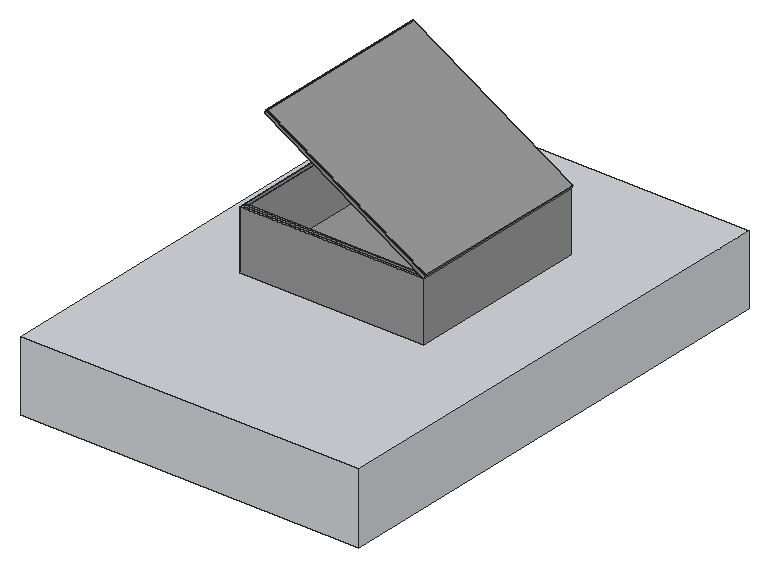
Revit family "Hager-Univers-IP55-D275-H800-Cl.II-Steel_encl-ES-es", category Equipement électrique, Revit 2020
Family settings
  Hôte = Face
  Configuration du panneau = Deux colonnes, circuits au sein
  Cote de connecteur circulaire = Utiliser le diamètre
  Type d'élément = Tableau de raccordement
  Couper avec des vides une fois chargée = Non
  Partagée = Non
  Point de calcul de pièce = Non
Parameters (values of type "Montado superficial (escayola) IP55 A800 A800 P275  - FR53S")
  Width Control [instance] = if([EF000008 - Anchura] > Min Width, [EF000008 - Anchura], Min Width)  # 800 mm
  Commentaires du type = [HG000003 - Gama]  # "Univers"
  Thickness Door [instance] = if([EF009171 - Espesor puerta/tapa] > 3 mm, 3 mm, [EF009171 - Espesor puerta/tapa])  # 1.5 mm
  Seal Frame Offset [instance] = 17 mm  # constant formula
  Plinth Visibility [instance] = [HG000027 - Altura de zócalo] > 0 mm  # no
  Model = ""
  Min Width [instance] = 100 mm  # constant formula
  Min Height [instance] = 100 mm  # constant formula
  Min Depth [instance] = (2 * [EF009170 - Espesor del material de la caja]) + 1 mm  # 4 mm
  Internal Frame Depth [instance] = (Door System Depth * 0.5)  # 9 mm
  Height Control [instance] = if([EF000040 - Altura] > Min Height, [EF000040 - Altura], Min Height)  # 800 mm
  HG000027 - Altura de zócalo = 0 mm
  HG000026 - Instalación en suelo = no
  HG000024 - Altura de la sección inferior = 800 mm
  HG000023 - Caja de doble sección = no
  HG000016 - Visibilidad de la puerta 3D [instance] = yes
  HG000015 - Visibilidad a través de la puerta [instance] = no
  HG000014 - Puerta a la derecha [instance] = yes
  HG000013 - Puerta a la izquierda [instance] = not([HG000014 - Puerta a la derecha])  # no
  HG000012 - Ángulo de giro de la puerta [instance] = 30.00°
  HG000010 - Puertas asimétricas = no
  HG000009 - Puerta batiente doble = no
  HG000006 - Empotrado = no
  HG000004 - Referencia del fabricante = "FR53S"
  HG000003 - Gama = "Univers"
  HG000002 - Con puerta o tapa = yes
  Frame Offset Bottom [instance] = 10 mm  # constant formula
  Frame Offset [instance] = 15 mm  # constant formula
  EF015940 - Tapa con alivio de sobrepresión = no
  EF011959 - Grado de protección (NEMA) = ""
  EF009554 - Número de aberturas para placas-brida = 6
  Fabricant = "Hager"  # constant formula
  EF009212 - Versión de la cubierta = "EV000116 - Cerrado"
  EF009171 - Espesor puerta/tapa = 1.5 mm
  EF009170 - Espesor del material de la caja = 1.5 mm
  EF008873 - Corriente nominal (In) = 800 A
  EF007800 - Adecuado para la protección contra rayos = no
  EF006306 - Con cierre = no
  EF006244 - Tapa/puerta transparente = no
  EF005474 - Grado de protección (IP) = "EV006420 - IP55"
  EF004464 - Tipo de puerta = "EV002646 - Único"
  EF004427 - Número de módulos = 180
  EF004293 - Resistencia al impacto (IK) = "EV008784 - IK10"
  EF003532 - Adecuado para uso en exteriores = no
  EF002950 - Anchura de unidades de división = 24
  EF001613 - Integridad del circuito = "EV000494 - Ninguno"
  EF001596 - Material de la carcasa = "EV000179 - Acero"
  EF001131 - Profundidad interna = 275 mm
  EF001088 - Posibilidad de extensión = yes
  EF000437 - Número de entradas de conductos de cables = 6
  EF000339 - Tipo de cubierta = "EV004216 - Puerta"
  EF000266 - Número de filas = 5
  EF000218 - Profundidad de instalación = 0 mm
  EF000118 - Con placa de montaje = no
  EF000116 - Número RAL = "7035"
  EF000049 - Profundidad = 275 mm
  EF000040 - Altura = 800 mm
  EF000008 - Anchura = 800 mm
  EF000007 - Color = "EV000270 - Gris"
  EF000003 - Tipo de montaje = "EV000384 - Montado superficial (escayola)"
  Door System Leaf Tolerance [instance] = 1.5 mm  # constant formula
  Door System Depth [instance] = 18 mm  # constant formula
  Door Height [instance] = Height Control - [HG000027 - Altura de zócalo]  # 800 mm
  Depth Control [instance] = if([EF000049 - Profundidad] > Min Depth, [EF000049 - Profundidad], Min Depth)  # 275 mm
  Default Elevation = 0 mm
  Connector Offset [instance] = Height Control / 2  # 400 mm
  Bottom Top Plate Trim [instance] = 1.5 mm  # constant formula
  Plinth height Ctrl [instance] = if([HG000027 - Altura de zócalo] > 0 mm, [HG000027 - Altura de zócalo], 12 mm)  # 12 mm
Types (5, lengths in mm): name | Width Control | HG000010 - Puertas asimétricas | HG000009 - Puerta batiente doble | HG000004 - Referencia del fabricante | EF009554 - Número de aberturas para placas-brida | EF004464 - Tipo de puerta | EF004427 - Número de módulos | EF000437 - Número de entradas de conductos de cables | EF000008 - Anchura
  Montado superficial (escayola) IP55 A1050 A800 P275  - FR54S | 1050 | no | yes | "FR54S" | 8 | "EV003602 - Doble" | 240 | 8 | 1050
  Montado superficial (escayola) IP55 A1300 A800 P275  - FR55S | 1300 | yes | yes | "FR55S" | 10 | "EV003602 - Doble" | 300 | 10 | 1300
  Montado superficial (escayola) IP55 A300 A800 P275  - FR51S | 300 | no | no | "FR51S" | 2 | "EV002646 - Único" | 60 | 2 | 300
  Montado superficial (escayola) IP55 A550 A800 P275  - FR52S | 550 | no | no | "FR52S" | 4 | "EV002646 - Único" | 120 | 4 | 550
  Montado superficial (escayola) IP55 A800 A800 P275  - FR53S | 800 | no | no | "FR53S" | 6 | "EV002646 - Único" | 180 | 6 | 800
Reference planes
  plane 1 "Center (Front/Back)": y = 0
  plane 2: z = 0
  plane 3 "Center (Left/Right)": x = 0
  plane 4: z = 275
  plane 5: y = 1.5
  plane 6: y = 400
  plane 7: y = 0
  plane 8: y = 800
  plane 9: z = 0
  plane 10: x = -385
  plane 11: x = 385
  plane 12: x = 383.5
  plane 13: x = -383.5
  plane 14: y = 798.5
  plane 15: x = -383
  plane 16: x = -400
  plane 17: x = 383
  plane 18: x = 400
  plane 19: x = 398.5
  plane 20: x = -398.5
  plane 21: y = 11.5
  plane 22: y = 800
  plane 23: y = 783.5
  plane 24: z = 257
  plane 25: z = 1.5
  plane 26: z = 255.5
  plane 27: z = 273.5
Forms (mm)
  Extrusion 1, solid
    sketch origin (0, 0, 0) x (1, 0, 0) y (0, 1, 0)
      loop
        line (-702.964, 1305) -> (-702.964, -811.445) -> (766.763, -811.445) -> (766.763, 1305) -> (-702.964, 1305)
    from 0 to -304.8
  Extrusion 2, solid, material "Hager_Steel_RAL7035_Light_Grey", visible <- "Plinth Visibility", detail levels medium+fine
    sketch origin (0, 0, 0) x (1, 0, 0) y (0, 1, 0)
      loop
        line (-400, 0) -> (400, 0) -> (400, 12) -> (-400, 12) -> (-400, 0)
    from 0 to 257
  Extrusion 3, solid, material "Hager_Steel_RAL7035_Light_Grey", detail levels medium+fine
    sketch origin (0, 0, 0) x (1, 0, 0) y (0, 1, 0)
      loop
        line (-400, 0) -> (400, 0) -> (400, 800) -> (-400, 800) -> (-400, 0)
    from 0 to 257
  Extrusion 4, void
    sketch origin (0, 0, 0) x (1, 0, 0) y (0, 1, 0)
      loop
        line (-398.5, 1.5) -> (398.5, 1.5) -> (398.5, 798.5) -> (-398.5, 798.5) -> (-398.5, 1.5)
    from 1.5 to 255.5
  Extrusion 5, void
    sketch origin (-381.607, -4572, 257) x (0, -1, 0) y (-1, 0, 0)
      loop
        line (-4583.5, 1.893) -> (-5355.5, 1.893) -> (-5355.5, -765.107) -> (-4583.5, -765.107) -> (-4583.5, 1.893)
    from 0 to 1.5 <- "EF009170 - Espesor del material de la caja"
  Extrusion 6, solid, material "Hager_Steel_RAL7035_Light_Grey", detail levels fine
    sketch origin (0, 0, 257) x (1, 0, 0) y (0, 1, 0)
      loop
        line (-383.5, 783.5) -> (-383.5, 11.5) -> (383.5, 11.5) -> (383.5, 783.5) -> (-383.5, 783.5)
      loop
        line (-385, 10) -> (385, 10) -> (385, 785) -> (-385, 785) -> (-385, 10)
    from 0 to 9 <- "Internal Frame Depth"
  Extrusion 7, solid, material "Hager_Steel_RAL7035_Light_Grey", detail levels coarse
    sketch origin (0, 0, 0) x (1, 0, 0) y (0, 1, 0)
      loop
        line (-400, 0) -> (400, 0) -> (400, 800) -> (-400, 800) -> (-400, 0)
    from 0 to 275
  Sweep 8, void
    path in 3D
      loop
        line (-400, 12, 0) -> (400, 12, 0) -> (400, 12, 257) -> (-400, 12, 257) -> (-400, 12, 0)
    profile origin (-400, 12, 128.5) x (-1, 0, 0) y (0, -1, 0)
      loop
        line (0, 0) -> (0, 1.5) -> (-1.5, 1.5)
        arc (-1.5, 1.5) -> (-1.061, 0.439) -> (0, 0) r 1.5
Cuts and joins
  Extrusion 4, Extrusion 5 cuts Extrusion 3
  Sweep 8 cuts Extrusion 2
Lines and regions (mm)
  Masking region 1
    outline origin (0, 0, 0) x (1, 0, 0) y (0, 0, 1)
      loop
        line (-400, 275) -> (-400, 0) -> (400, 0) -> (400, 275) -> (-400, 275)
  Masking region 2, detail levels medium+fine
    outline origin (0, 140, 0) x (0, 1, 0) y (0, 0, 1)
      loop
        line (-140, 0) -> (660, 0) -> (660, 257) -> (-140, 257) -> (-140, 0)
  Masking region 3, not visible, detail levels medium+fine
    outline origin (0, 297.922, 0) x (0, 1, 0) y (0, 0, 1)
      loop
        line (113.578, 0) -> (153.578, 0) -> (153.578, 263.5)
        arc (153.578, 263.5) -> (150.649, 270.571) -> (143.578, 273.5) r 10
        line (143.578, 273.5) -> (113.578, 273.5) -> (113.578, 0)
  Masking region 4, detail levels coarse
    outline origin (0, 0, 180) x (0, 1, 0) y (0, 0, 1)
      loop
        line (0, -180) -> (800, -180) -> (800, 95) -> (0, 95) -> (0, -180)
  Masking region 5, visible <- "Plinth Visibility", detail levels medium+fine
    outline origin (0, 52.24, 12.345) x (0, 0, -1) y (0, 1, 0)
      loop
        line (10.845, -40.24) -> (-243.155, -40.24)
        arc (-243.155, -40.24) -> (-243.594, -41.301) -> (-244.655, -41.74) r 1.5
        line (-244.655, -41.74) -> (-244.655, -52.24) -> (12.345, -52.24) -> (12.345, -41.74)
        arc (12.345, -41.74) -> (11.285, -41.301) -> (10.845, -40.24) r 1.5
  Masking region 6, detail levels medium+fine
    outline origin (-381.607, -4572, 257) x (-1, 0, 0) y (0, -1, 0)
      loop
        line (18.393, -5372) -> (18.393, -4572) -> (-781.607, -4572) -> (-781.607, -5372) -> (18.393, -5372)
  Masking region 7, visible <- "Plinth Visibility", detail levels medium+fine
    outline origin (-381.607, -4727, 257) x (-1, 0, 0) y (0, -1, 0)
      loop
        arc (16.893, -4739) -> (17.332, -4737.939) -> (18.393, -4737.5) r 1.5
        line (18.393, -4737.5) -> (18.393, -4727) -> (-781.607, -4727) -> (-781.607, -4737.5)
        arc (-781.607, -4737.5) -> (-780.546, -4737.939) -> (-780.107, -4739) r 1.5
        line (-780.107, -4739) -> (16.893, -4739)
  Masking region 8, detail levels coarse
    outline origin (-442.548, -4669.526, 257) x (-1, 0, 0) y (0, -1, 0)
      loop
        line (-42.548, -5469.526) -> (-42.548, -4669.526) -> (-842.548, -4669.526) -> (-842.548, -5469.526) -> (-42.548, -5469.526)
  sketch lines
    curve 1: line (-400, 12, 257) -> (-400, 12, 0)
    curve 2: line (400, 12, 257) -> (-400, 12, 257)
    curve 3: line (400, 12, 257) -> (400, 12, 0)
    curve 4: line (-400, 12, 0) -> (400, 12, 0)
Dimensions and locks
  "Depth Control": plane 4 to Extrusion 1
  "HG000027 - Altura de zócalo": plane 1 "Center (Front/Back)" to plane 7
  "EF009170 - Espesor del material de la caja": plane 5 to plane 7
  locked: connector elem to plane 3 "Center (Left/Right)"
  equal spacing: plane 8, plane 6, plane 7
  locked: connector elem to plane 6
  "EF009170 - Espesor del material de la caja": plane 8 to plane 14
  "EF009170 - Espesor del material de la caja": plane 10 to plane 13
  "EF009170 - Espesor del material de la caja": plane 12 to plane 11
  "Frame Offset": plane 20 to plane 13
  "Frame Offset": plane 12 to plane 19
  "EF009170 - Espesor del material de la caja": plane 16 to plane 20
  "EF009170 - Espesor del material de la caja": plane 19 to plane 18
  "Seal Frame Offset": plane 16 to plane 15
  "Seal Frame Offset": plane 17 to plane 18
  "Frame Offset Bottom": plane 21 to plane 5
  "Frame Offset": plane 14 to plane 23
  equal spacing: plane 16, plane 3 "Center (Left/Right)", plane 18
  "Width Control": plane 16 to plane 18
  "EF009170 - Espesor del material de la caja": plane 4 to plane 27
  "EF009170 - Espesor del material de la caja": plane 24 to plane 26
  "EF009170 - Espesor del material de la caja": plane 25 to level
  "Door System Depth": plane 4 to plane 24
  "Height Control": plane 1 "Center (Front/Back)" to Extrusion 7 sketch curve
  "Height Control": Masking region 4 sketch curve to plane 1 "Center (Front/Back)"
  "Height Control": plane 1 "Center (Front/Back)" to plane 22
  "Bottom Top Plate Trim": profile plane to Sweep 8 sketch curve
  "Bottom Top Plate Trim": Sweep 8 sketch curve to profile plane
  "Plinth height Ctrl": plane 1 "Center (Front/Back)" to Extrusion 2 sketch curve
  "Plinth height Ctrl": Masking region 5 sketch curve to plane 1 "Center (Front/Back)"
  "Plinth height Ctrl": plane 1 "Center (Front/Back)" to Masking region 7 sketch curve
  "Thickness Door": Extrusion 6 sketch curve to Extrusion 6 sketch curve  (x3)
  "Thickness Door": cut or joined group of Extrusion 3, Extrusion 4, Extrusion 5 to Extrusion 6 sketch curve
  radius of Masking region 3 sketch curve = 10 mm
  "Bottom Top Plate Trim": radius of Masking region 5 sketch curve  (x2)
  "Bottom Top Plate Trim": radius of Sweep 8 sketch curve
  "Bottom Top Plate Trim": radius of Masking region 7 sketch curve  (x2)
  aligned and locked: plane 2 to Extrusion 1
  aligned and locked: level to Extrusion 1
  aligned and locked: level to Masking region 1 sketch curve
  aligned and locked: Masking region 1 sketch curve to plane 18
  aligned and locked: Masking region 1 sketch curve to plane 16
  aligned and locked: plane 7 to Masking region 2 sketch curve
  aligned and locked: level to Masking region 3 sketch curve
  aligned and locked: Masking region 3 sketch curve to plane 27
  aligned and locked: level to Masking region 2 sketch curve
  aligned and locked: plane 1 "Center (Front/Back)" to Extrusion 2 sketch curve
  aligned and locked: Extrusion 3 sketch curve to plane 7
  aligned and locked: plane 16 to Extrusion 3 sketch curve
  aligned and locked: plane 18 to Extrusion 3 sketch curve
  aligned and locked: plane 20 to Extrusion 4 sketch curve
  aligned and locked: plane 19 to Extrusion 4 sketch curve
  aligned and locked: Extrusion 4 sketch curve to plane 5
  aligned and locked: Extrusion 4 to plane 25
  aligned and locked: plane 26 to Extrusion 4
  aligned and locked: plane 24 to Extrusion 3
  aligned and locked: Extrusion 5 sketch curve to plane 21
  aligned and locked: Extrusion 5 sketch curve to plane 13
  aligned and locked: Extrusion 5 sketch curve to plane 12
  aligned and locked: plane 18 to Extrusion 7 sketch curve
  aligned and locked: plane 1 "Center (Front/Back)" to Extrusion 7 sketch curve
  aligned and locked: plane 16 to Extrusion 7 sketch curve
  aligned and locked: plane 4 to Extrusion 7
  aligned and locked: Extrusion 7 to level
  aligned and locked: level to Masking region 4 sketch curve
  aligned and locked: Masking region 4 sketch curve to plane 1 "Center (Front/Back)"
  aligned and locked: Masking region 4 sketch curve to plane 4
  aligned and locked: nested 1 to level
  aligned and locked: nested 1 to plane 16
  aligned and locked: plane 8 to Extrusion 3 sketch curve
  aligned and locked: plane 23 to Extrusion 5 sketch curve
  aligned and locked: plane 14 to Extrusion 4 sketch curve
  aligned and locked: Masking region 2 sketch curve to plane 8
  aligned and locked: level to Masking region 5 sketch curve
  aligned and locked: plane 16 to Extrusion 2 sketch curve
  aligned and locked: plane 18 to Extrusion 2 sketch curve
  aligned and locked: Masking region 5 sketch curve to plane 24
  aligned and locked: Masking region 2 sketch curve to plane 24
  aligned and locked: plane 24 to Extrusion 2
  aligned and locked: profile plane to Sweep 8 sketch curve  (x2)
  aligned and locked: Masking region 6 sketch curve to plane 18
  aligned and locked: Masking region 6 sketch curve to plane 22
  aligned and locked: Masking region 6 sketch curve to plane 16
  aligned and locked: plane 8 to plane 22
  aligned and locked: Masking region 6 sketch curve to plane 7
  aligned and locked: Masking region 7 sketch curve to plane 16
  aligned and locked: Masking region 7 sketch curve to plane 1 "Center (Front/Back)"
  aligned and locked: Masking region 7 sketch curve to plane 18
  aligned and locked: Masking region 8 sketch curve to plane 1 "Center (Front/Back)"
  aligned and locked: Masking region 8 sketch curve to plane 18
  aligned and locked: Masking region 8 sketch curve to plane 22
  aligned and locked: Masking region 8 sketch curve to plane 16
  aligned and locked: nested 2 to plane 7
  aligned and locked: plane 3 "Center (Left/Right)" to nested 2
  aligned and locked: nested 2 to plane 24
  aligned and locked: Extrusion 6 sketch curve to cut or joined group of Extrusion 3, Extrusion 4, Extrusion 5  (x4)
Automatic sketch dimensions
  Extrusion 1 sketch curve to Extrusion 1 sketch curve = 1469.727 mm
  Extrusion 1 sketch curve to Extrusion 1 sketch curve = 2116.445 mm
  Masking region 1 sketch curve to plane 4 = 0 mm
  plane 6 to Masking region 3 sketch curve = 11.5 mm
  Masking region 3 sketch curve to Masking region 3 sketch curve = 30 mm
  Masking region 5 sketch curve to plane 1 "Center (Front/Back)" = 0 mm
Nested families
  nested 1: "Hager_Enclosure_Symbol" at (-400, 0, 0) x (1, 0, 0) z (0, -1, 0), Height <- "Depth Control", Width <- "Width Control", type "Hager_Enclosure_Symbol"
    with Width_Ctrl 800 mm, Width 800 mm, Height_Ctrl 275 mm, Height 275 mm, A_Width_Int 18.047 mm, A_Width 216.562 mm, A_Height_Ctrl 240.625 mm, A_Height 240.625 mm
  nested 2: "EC000058_Univers_Door" at (0, 0, 257) x (1, 0, 0) z (0, 1, 0), Leaf_Tolerance <- "Door System Leaf Tolerance", Angle <- "HG000012 - Ángulo de giro de la puerta", Door_Depth <- "Door System Depth", Door_Left <- "HG000013 - Puerta a la izquierda", Transparent <- "EF006244 - Tapa/puerta transparente", Assymetrical <- "HG000010 - Puertas asimétricas", Width <- "Width Control", Clearance <- "HG000015 - Visibilidad a través de la puerta", Double <- "HG000009 - Puerta batiente doble", 3d_Door <- "HG000016 - Visibilidad de la puerta 3D", Lock_Visibility <- "EF006306 - Con cierre", Width_Ctrl <- "Width Control", Door_Right <- "HG000014 - Puerta a la derecha", Door <- "HG000002 - Con puerta o tapa", Height <- "Door Height", Thickness <- "Thickness Door", type "EC000058_Univers_Door", detail levels medium+fine
    with min_wh 4 mm, Width_Ctrl 800 mm, Width 800 mm, Transparent no, Thickness 1.5 mm, Seal_Material Hager_Rubber, Lock_Visibility no, Lock_Material Hager_Plastic_RAL9005_Jet_Black, Leaf_Width 800 mm, Leaf_Tolerance_External_Sides 0 mm, Leaf_Tolerance 1.5 mm, Leaf_Offset 0 mm, Leaf_Height 797 mm, Leaf_2_Width 800 mm, Leaf_2_Offset 400 mm, Leaf_1_Width 800 mm, Leaf_1_Offset 400 mm, Height_Ctrl 800 mm, Height 800 mm, Glass_Material Hager_Glass, Double_Clearance_Ctrl no, Double no, Door_Right_Ctrl yes, Door_Right yes, Door_Material Hager_Steel_RAL7035_Light_Grey, Door_Left_Ctrl no, Door_Left no, Door_Depth 18 mm, Door yes, Clearance_Material Hager_Clearance, Clearance_Depth 800 mm, Clearance_Ctrl no, Clearance no, Assymetrical no, Angle 30.00°, 3d_Door yes
Connectors
  electrical at (0, 400, 0)
    settings: on plane 9, index 1, voltage 0 V, apparent load 0 VA, apparent load phase1 0 VA, apparent load phase2 0 VA, apparent load phase3 0 VA, power factor 1, load classification "Other", number of poles 1, system type 30, power factor state 1, is connector primary yes, connector utility no, sub classification motor no, connector description ""
Definition of nested family "EC000058_Univers_Door"
  Parameters (values of type "EC000058_Univers_Door")
    min_wh [instance] = (2 * Thickness) + 1 mm  # 11 mm
    Width_Ctrl [instance] = 400 mm
    Width [instance] = 500 mm
    Transparent [instance] = yes
    Thickness [instance] = 5 mm
    Seal_Material [instance] = none
    Lock_Visibility [instance] = yes
    Lock_Material [instance] = none
    Leaf_Width [instance] = if((Width_Ctrl - 2 * Leaf_Tolerance_External_Sides) > 0 mm, (Width_Ctrl - 2 * Leaf_Tolerance_External_Sides), min_wh)  # 400 mm
    Leaf_Tolerance_External_Sides [instance] = 0 mm  # constant formula
    Leaf_Tolerance [instance] = 1.5 mm
    Leaf_Offset [instance] = 0 mm  # constant formula
    Leaf_Height [instance] = if((Height_Ctrl - 2 * Leaf_Tolerance) > 0 mm, (Height_Ctrl - 2 * Leaf_Tolerance), min_wh)  # 497 mm
    Leaf_2_Width [instance] = if(and(and(Double, Assymetrical), Door_Left), (Leaf_Width / 3) - (Leaf_Tolerance / 2), if(and(and(Double, Assymetrical), Door_Right), (Leaf_Width / 3) * 2 - (Leaf_Tolerance / 2), if(and(Double, not(Assymetrical)), (Leaf_Width / 2) - Leaf_Tolerance, Leaf_Width)))  # 400 mm
    Leaf_2_Offset [instance] = if(and(Double, Assymetrical), Leaf_2_Width / 2, if(and(Double, not(Assymetrical)), Leaf_Width / 4, Leaf_Width / 2))  # 200 mm
    Leaf_1_Width [instance] = if(and(and(Double, Assymetrical), Door_Right), (Leaf_Width / 3) - (Leaf_Tolerance / 2), if(and(and(Double, Assymetrical), Door_Left), (Width / 3) * 2 - (Leaf_Tolerance / 2), if(and(Double, not(Assymetrical)), (Leaf_Width / 2) - Leaf_Tolerance, Leaf_Width)))  # 400 mm
    Leaf_1_Offset [instance] = if(and(Double, Assymetrical), Leaf_1_Width / 2, if(and(Double, not(Assymetrical)), Leaf_Width / 4, Leaf_Width / 2))  # 200 mm
    Height_Ctrl [instance] = if(Height > min_wh, Height, min_wh)  # 500 mm
    Height [instance] = 500 mm
    Glass_Material [instance] = none
    Double_Clearance_Ctrl [instance] = and(Double, Clearance)  # no
    Double [instance] = no
    Door_Right_Ctrl [instance] = and(or(Door_Right, Double), Door)  # yes
    Door_Right [instance] = yes
    Door_Material [instance] = none
    Door_Left_Ctrl [instance] = and(or(Door_Left, Double), Door)  # no
    Door_Left [instance] = no
    Door_Depth [instance] = 30 mm
    Door [instance] = yes
    Default Elevation = 1219.2 mm
    Clearance_Material [instance] = none
    Clearance_Depth [instance] = if(Leaf_1_Width > Leaf_2_Width, Leaf_1_Width, Leaf_2_Width)  # 400 mm
    Clearance_Ctrl [instance] = and(not(Double), Clearance)  # yes
    Clearance [instance] = yes
    Assymetrical [instance] = yes
    Angle [instance] = 30.00°
    3d_Door [instance] = yes
  Reference planes
    plane 1 "Center (Front/Back)": y = 0
    plane 2 "Bottom": z = 0
    plane 3 "Center (Left/Right)": x = 0
    plane 4: z = 500
    plane 5: x = -200
    plane 6: x = 200
    plane 7: z = 500
    plane 8: x = -200
    plane 9: z = 0
    plane 10: x = 200
    plane 11: y = 0
    plane 12: z = 1.5
    plane 13: x = -600
    plane 14: y = -400
    plane 15: x = 600
    plane 16: x = 0
    plane 17: x = 0
    plane 18: x = -200
    plane 19: x = 200
    plane 20: z = 498.5
  Forms (mm)
    Extrusion 1, solid, material <- "Clearance_Material", visible <- "Double_Clearance_Ctrl"
      sketch origin (1200, 0, 0) x (1, 0, 0) y (0, 0, -1)
        loop
          line (-1800, -498.5) -> (-600, -498.5) -> (-600, 0) -> (-1800, 0) -> (-1800, -498.5)
      from 0 to -400
  Dimensions and locks
    equal spacing: plane 5, plane 3 "Center (Left/Right)", plane 6
    "Width_Ctrl": plane 5 to plane 6
    "Leaf_Offset": plane 5 to plane 8
    "Leaf_Offset": plane 6 to plane 10
    "Leaf_Offset": plane 9 to level
    "Leaf_Offset": plane 4 to plane 7
    "Height_Ctrl": plane 4 to level
    "Leaf_Tolerance": plane 12 to plane 9
    locked: plane 11 to plane 1 "Center (Front/Back)"
    "Leaf_1_Offset": plane 18 to plane 16
    "Leaf_2_Offset": plane 17 to plane 19
    "Leaf_1_Width": plane 13 to plane 8
    "Leaf_2_Width": plane 10 to plane 15
    "Clearance_Depth": plane 14 to plane 1 "Center (Front/Back)"
    "Leaf_Tolerance_External_Sides": plane 8 to plane 18
    "Leaf_Tolerance_External_Sides": plane 19 to plane 10
    "Leaf_Tolerance": plane 7 to plane 20
    aligned and locked: level to plane 2 "Bottom"
    aligned and locked: nested 1 to plane 16
    aligned and locked: nested 2 to plane 17
    aligned and locked: Extrusion 1 to plane 13
    aligned and locked: plane 15 to Extrusion 1
    aligned and locked: Extrusion 1 to plane 14
    aligned and locked: plane 12 to nested 1
    aligned and locked: nested 2 to plane 12
    aligned and locked: Extrusion 1 to plane 11
    aligned and locked: plane 20 to Extrusion 1
    aligned and locked: nested 2 to plane 11
    aligned and locked: nested 1 to plane 11
  Automatic sketch dimensions
    Extrusion 1 sketch curve to level = 0 mm
    plane 5 to Extrusion 1 sketch curve = 400 mm
    plane 6 to Extrusion 1 sketch curve = 400 mm
    Extrusion 1 sketch curve to plane 4 = 1.5 mm
  Nested families
    nested 1: "EC000058_Univers_Door_Leaf" at (0, 0, 1.5), Width <- "Leaf_1_Width", visible <- "Door_Left_Ctrl", Leaf_Height <- "Leaf_Height", Angle <- "Angle", 3d_Door <- "3d_Door", Transparent <- "Transparent", Clearance Material <- "Clearance_Material", Clearance <- "Clearance_Ctrl", Door_Material <- "Door_Material", Glass_Material <- "Glass_Material", Door_Depth <- "Door_Depth", Lock_Material <- "Lock_Material", Seal_Material <- "Seal_Material", Lock_Visibility <- "Lock_Visibility", Thickness <- "Thickness", type "EC000058_Univers_Door_Leaf"
      with Width 400 mm, Transparent_Glass_Offset 30 mm, Transparent_Ctrl yes, Transparent yes, Thickness 5 mm, Standard no, Seal_Material none, Seal_D2 8 mm, Seal_D1 1 mm, Offset_Internal_Frame 10 mm, Lock_Width 20 mm, Lock_Visibility_3d yes, Lock_Visibility yes, Lock_Thickness_3 3 mm, Lock_Thickness_2 1 mm, Lock_Thickness_1 3 mm, Lock_Radius_Offset_2 16 mm, Lock_Radius_Offset_1 15 mm, Lock_Radius_2 5 mm, Lock_Radius 6 mm, Lock_Offset 5 mm, Lock_Material none, Lock_Height 80 mm, Lock_Cover_Top_Offset_2d 17 mm, Lock_Cover_Height -65 mm, Leaf_Height 497 mm, Internal_Seal_Thickness 8 mm, Internal_Seal_Depth_2 4.5 mm, Internal_Frame_Depth 25 mm, Glass_Thickness -1 mm, Glass_Offset -2 mm, Glass_Material none, Door_Material none, Door_Depth 30 mm, Clearance Material none, Clearance yes, Angle_Ctrl 30.00°, Angle 30.00°, 3d_Door yes
    nested 2: "EC000058_Univers_Door_Leaf" at (0, 0, 1.5) x (-1, 0, 0) z (0, 0, 1), Width <- "Leaf_2_Width", visible <- "Door_Right_Ctrl", Leaf_Height <- "Leaf_Height", Angle <- "Angle", 3d_Door <- "3d_Door", Transparent <- "Transparent", Clearance Material <- "Clearance_Material", Clearance <- "Clearance_Ctrl", Door_Material <- "Door_Material", Glass_Material <- "Glass_Material", Door_Depth <- "Door_Depth", Lock_Material <- "Lock_Material", Seal_Material <- "Seal_Material", Lock_Visibility <- "Lock_Visibility", Thickness <- "Thickness", type "EC000058_Univers_Door_Leaf"
      with Width 400 mm, Transparent_Glass_Offset 30 mm, Transparent_Ctrl yes, Transparent yes, Thickness 5 mm, Standard no, Seal_Material none, Seal_D2 8 mm, Seal_D1 1 mm, Offset_Internal_Frame 10 mm, Lock_Width 20 mm, Lock_Visibility_3d yes, Lock_Visibility yes, Lock_Thickness_3 3 mm, Lock_Thickness_2 1 mm, Lock_Thickness_1 3 mm, Lock_Radius_Offset_2 16 mm, Lock_Radius_Offset_1 15 mm, Lock_Radius_2 5 mm, Lock_Radius 6 mm, Lock_Offset 5 mm, Lock_Material none, Lock_Height 80 mm, Lock_Cover_Top_Offset_2d 17 mm, Lock_Cover_Height -65 mm, Leaf_Height 497 mm, Internal_Seal_Thickness 8 mm, Internal_Seal_Depth_2 4.5 mm, Internal_Frame_Depth 25 mm, Glass_Thickness -1 mm, Glass_Offset -2 mm, Glass_Material none, Door_Material none, Door_Depth 30 mm, Clearance Material none, Clearance yes, Angle_Ctrl 30.00°, Angle 30.00°, 3d_Door yes
  Definition of nested family "EC000058_Univers_Door_Leaf"
    Parameters (values of type "EC000058_Univers_Door_Leaf")
      Width [instance] = 2000 mm
      Transparent_Glass_Offset [instance] = 30 mm
      Transparent_Ctrl [instance] = and(Transparent, [3d_Door])  # yes
      Transparent [instance] = yes
      Thickness [instance] = 5 mm
      Standard [instance] = and(not(Transparent), [3d_Door])  # no
      Seal_Material [instance] = none
      Seal_D2 [instance] = 8 mm  # constant formula
      Seal_D1 [instance] = 1 mm  # constant formula
      Offset_Internal_Frame [instance] = 10 mm  # constant formula
      Lock_Width [instance] = 20 mm  # constant formula
      Lock_Visibility_3d [instance] = and(Lock_Visibility, [3d_Door])  # yes
      Lock_Visibility [instance] = yes
      Lock_Thickness_3 [instance] = 3 mm  # constant formula
      Lock_Thickness_2 [instance] = 1 mm  # constant formula
      Lock_Thickness_1 [instance] = 3 mm  # constant formula
      Lock_Radius_Offset_2 [instance] = Lock_Radius_Offset_1 + 1 mm  # 16 mm
      Lock_Radius_Offset_1 [instance] = 15 mm  # constant formula
      Lock_Radius_2 [instance] = Lock_Radius - 1 mm  # 5 mm
      Lock_Radius [instance] = 6 mm  # constant formula
      Lock_Offset [instance] = 5 mm  # constant formula
      Lock_Material [instance] = none
      Lock_Height [instance] = 80 mm  # constant formula
      Lock_Cover_Top_Offset_2d [instance] = Lock_Radius_Offset_2 + 1 mm  # 17 mm
      Lock_Cover_Height [instance] = -(Lock_Height - Lock_Radius_Offset_1)  # -65 mm
      Leaf_Height [instance] = 2720.336 mm
      Internal_Seal_Thickness [instance] = 8 mm  # constant formula
      Internal_Seal_Depth_2 [instance] = 4.5 mm  # constant formula
      Internal_Frame_Depth [instance] = if(Door_Depth - Thickness > 5 mm, Door_Depth - Thickness, 5 mm)  # 25 mm
      Glass_Thickness [instance] = if(Thickness > 15 mm, Glass_Offset + 10 mm, -1 mm)  # -1 mm
      Glass_Offset [instance] = if(Thickness > 15 mm, -(Thickness + 10 mm) / 2, -2 mm)  # -2 mm
      Glass_Material [instance] = none
      Door_Material [instance] = none
      Door_Depth [instance] = 30 mm
      Default Elevation = 0 mm
      Clearance Material [instance] = none
      Clearance [instance] = yes
      Angle_Ctrl [instance] = if(Angle > 180.00°, 180.00°, Angle)  # 90.00°
      Angle [instance] = 90.00°
      3d_Door [instance] = yes
    Reference planes
      plane 1 "Center (Front/Back)": y = 0
      plane 2: z = 0
      plane 3 "Center (Left/Right)": x = 0
      plane 4: y = 2000
      plane 5: x = -1000
      plane 6: x = 1000
      plane 7: x = -3000
      plane 8: z = 2720.336
      plane 9: z = 30
      plane 10: z = 2690.336
      plane 11: x = 970
      plane 12: x = -970
      plane 13: y = -3
      plane 14: z = 107.833
      plane 15: y = -5
      plane 16: y = -223.314
      plane 17: x = -1000
      plane 18: z = 1360.168
      plane 19: y = 30
    Forms (mm)
      Extrusion 1, solid, material <- "Clearance Material", visible <- "Clearance"
        sketch origin (0, 0, 0) x (1, 0, 0) y (0, 0, 1)
          loop
            line (-3000, 2720.336) -> (-3000, 0) -> (1000, 0) -> (1000, 2720.336) -> (-3000, 2720.336)
        from 0 to -2000
      Extrusion 2, solid, material <- "Door_Material", visible <- "Standard", detail levels medium+fine
        sketch origin (-1000, 0, 0) x (0, 1, 0) y (-1, 0, 0)
          loop
            line (0, 30) -> (0, 25) -> (2000, 25) -> (2000, 30) -> (0, 30)
        from 0 to 2720.336 <- "Leaf_Height"
      Extrusion 3, solid, material <- "Door_Material", visible <- "Transparent_Ctrl", detail levels medium+fine
        sketch origin (-1000, 0, 0) x (0, 1, 0) y (-1, 0, 0)
          loop
            line (0, 25) -> (2000, 25) -> (2000, 30) -> (0, 30) -> (0, 25)
        from 0 to 2720.336 <- "Leaf_Height"
      Extrusion 4, void
        sketch origin (-1025, 2000, 0) x (0, 1, 0) y (0, 0, -1)
          loop
            line (-30, -2690.336) -> (-30, -30) -> (-1970, -30) -> (-1970, -2690.336) -> (-30, -2690.336)
        from 0 to 5 <- "Thickness"
      Sweep 5, solid, material <- "Seal_Material", visible <- "Transparent_Ctrl", detail levels fine
        path in 3D
          loop
            line (-1025, 30, 30) -> (-1025, 30, 2690.336) -> (-1025, 1970, 2690.336) -> (-1025, 1970, 30) -> (-1025, 30, 30)
        profile origin (-1025, 1000, 30) x (1, 0, 0) y (0, 0, 1)
          loop
            line (0, 0) -> (0, -8) -> (1, -8) -> (1, 0) -> (0, 0)
      Extrusion 6, solid, material <- "Glass_Material", visible <- "Transparent_Ctrl", detail levels medium+fine
        sketch origin (-1030, 0, 0) x (0, 1, 0) y (0, 0, -1)
          loop
            line (1970, -2690.336) -> (1970, -30) -> (30, -30) -> (30, -2690.336) -> (1970, -2690.336)
        from -2 <- "Glass_Offset" to -1 <- "Glass_Thickness"
      Extrusion 7, solid, material <- "Door_Material", visible <- "3d_Door", detail levels medium+fine
        sketch origin (-1025, 2000, 0) x (0, -1, 0) y (0, 0, -1)
          loop
            line (0, -2720.336) -> (2000, -2720.336) -> (2000, 0) -> (0, 0) -> (0, -2720.336)
          loop
            line (1995, -5) -> (5, -5) -> (5, -2715.336) -> (1995, -2715.336) -> (1995, -5)
        from 0 to 25 <- "Internal_Frame_Depth"
      Sweep 8, solid, material <- "Seal_Material", visible <- "Transparent_Ctrl", detail levels fine
        path in 3D
          loop
            line (-1025, 0, 0) -> (-1025, 2000, 0) -> (-1025, 2000, 2720.336) -> (-1025, 0, 2720.336) -> (-1025, 0, 0)
        profile origin (-1025, 0, 1360.168) x (1, 0, 0) y (0, 1, 0)
          loop
            line (0, 10) -> (2.975, 10)
            arc (2.975, 10) -> (4.053, 10.447) -> (4.5, 11.525) r 1.525
            line (4.5, 11.525) -> (4.5, 16.527)
            arc (4.5, 16.527) -> (4.069, 17.569) -> (3.027, 18) r 1.473
            line (3.027, 18) -> (0, 18) -> (0, 10)
      Extrusion 9, solid, material <- "Lock_Material", visible <- "Lock_Visibility_3d", detail levels fine
        sketch origin (-1030, 0, 0) x (0, 1, 0) y (0, 0, -1)
          loop
            arc (1993.5, -1400.168) -> (1994.561, -1399.729) -> (1995, -1398.668) r 1.5
            line (1995, -1398.668) -> (1995, -1320.168) -> (1975, -1320.168) -> (1975, -1398.668)
            arc (1975, -1398.668) -> (1975.439, -1399.729) -> (1976.5, -1400.168) r 1.5
            line (1976.5, -1400.168) -> (1993.5, -1400.168)
        from 3 <- "Lock_Thickness_1" to 0
      Blend 10, solid, material <- "Lock_Material", visible <- "Lock_Visibility_3d", detail levels fine
        base sketch origin (-1033, 0, 0) x (0, 1, 0) y (0, 0, -1)
          loop
            line (1975, -1320.168) -> (1975, -1398.668)
            arc (1975, -1398.668) -> (1975.439, -1399.729) -> (1976.5, -1400.168) r 1.5
            line (1976.5, -1400.168) -> (1993.5, -1400.168)
            arc (1993.5, -1400.168) -> (1994.561, -1399.729) -> (1995, -1398.668) r 1.5
            line (1995, -1398.668) -> (1995, -1320.168) -> (1975, -1320.168)
        top sketch origin (-1033, 0, 0) x (0, 1, 0) y (0, 0, -1)
          loop
            line (1976, -1320.168) -> (1976, -1398.668)
            arc (1976, -1398.668) -> (1976.146, -1399.022) -> (1976.5, -1399.168) r 0.5
            line (1976.5, -1399.168) -> (1993.5, -1399.168)
            arc (1993.5, -1399.168) -> (1993.854, -1399.022) -> (1994, -1398.668) r 0.5
            line (1994, -1398.668) -> (1994, -1320.168) -> (1976, -1320.168)
        from 0 to 1 <- "Lock_Thickness_2"
      Blend 11, solid, material <- "Lock_Material", visible <- "Lock_Visibility_3d", detail levels fine
        base sketch origin (-1034, 0, 0) x (0, 1, 0) y (0, 0, -1)
          loop
            line (1978, -1320.168) -> (1978, -1384.168)
            arc (1978, -1384.168) -> (1985, -1391.168) -> (1992, -1384.168) r 7
            line (1992, -1384.168) -> (1992, -1320.168) -> (1978, -1320.168)
        top sketch origin (-1034, 0, 0) x (0, 1, 0) y (0, 0, -1)
          loop
            line (1991, -1320.168) -> (1979, -1320.168) -> (1979, -1383.168)
            arc (1979, -1383.168) -> (1985, -1389.168) -> (1991, -1383.168) r 6
            line (1991, -1383.168) -> (1991, -1320.168)
        from 0 to 3 <- "Lock_Thickness_3"
      Extrusion 12, solid, material <- "Lock_Material", visible <- "Lock_Visibility_3d", detail levels fine
        sketch origin (-1030, 1975, 1320.168) x (1, 0, 0) y (0, -1, 0)
          loop
            line (-7, -19) -> (-7, -1) -> (0, -1) -> (0, 0) -> (-8, 0) -> (-8, -20) -> (0, -20) -> (0, -19) -> (-7, -19)
        from 0 to -65 <- "Lock_Cover_Height"
      Extrusion 13, void
        sketch origin (-1038, 1995, 1320.168) x (-1, 0, 0) y (0, 0, -1)
          loop
            line (-5, -65) -> (0, -65) -> (-5, -60) -> (-5, -65)
        from 0 to 20 <- "Lock_Width"
      Extrusion 14, void
        sketch origin (-1038, 1975, 1320.168) x (0, -1, 0) y (0, 0, -1)
          loop
            circle (-10, -15.995) r 6
          loop
            circle (-10, -15.995) r 5
        from 0 to 2
      Extrusion 15, solid, material <- "Lock_Material", visible <- "Lock_Visibility_3d", detail levels medium
        sketch origin (-1030, 0, 0) x (0, 1, 0) y (0, 0, -1)
          loop
            arc (1993.5, -1400.168) -> (1994.561, -1399.729) -> (1995, -1398.668) r 1.5
            line (1995, -1398.668) -> (1995, -1320.168) -> (1975, -1320.168) -> (1975, -1398.668)
            arc (1975, -1398.668) -> (1975.439, -1399.729) -> (1976.5, -1400.168) r 1.5
            line (1976.5, -1400.168) -> (1993.5, -1400.168)
        from 8 to 0
    Cuts and joins
      Extrusion 4 cuts Extrusion 3
      Extrusion 13, Extrusion 14 cuts Extrusion 9
      Extrusion 14 cuts Blend 11
      Extrusion 13, Extrusion 14 cuts Extrusion 12
      joined: Extrusion 9, Blend 10, Blend 11, Extrusion 12
      Extrusion 14 cuts Extrusion 15
    Lines and regions (mm)
      Masking region 1, visible <- "Lock_Visibility", detail levels fine
        outline origin (0, 0, 0) x (0, 1, 0) y (0, 0, 1)
          loop
            line (30, 1320.168) -> (33, 1320.168) -> (33, 1400.168) -> (30, 1400.168) -> (30, 1320.168)
      Masking region 2, visible <- "Lock_Visibility", detail levels fine
        outline origin (0, 3.143, 0) x (0, 1, 0) y (0, 0, 1)
          loop
            line (29.857, 1354.168) -> (30.857, 1354.168) -> (30.857, 1366.168) -> (29.857, 1366.168) -> (29.857, 1354.168)
      Masking region 3, detail levels medium+fine
        outline origin (0, 0, 0) x (0, 1, 0) y (0, 0, 1)
          loop
            line (0, 0) -> (30, 0) -> (30, 2720.336) -> (0, 2720.336) -> (0, 0)
      Masking region 4, detail levels medium+fine
        outline origin (0, 0, 0) x (1, 0, 0) y (0, 0, 1)
          loop
            line (-1000, 2720.336) -> (-1000, 0) -> (1000, 0) -> (1000, 2720.336) -> (-1000, 2720.336)
      Masking region 5, visible <- "Lock_Visibility", detail levels fine
        outline origin (-47.116, 0, 0) x (1, 0, 0) y (0, 0, 1)
          loop
            arc (1024.616, 1399.168) -> (1023.556, 1398.729) -> (1023.116, 1397.668) r 1.5
            line (1023.116, 1397.668) -> (1023.116, 1320.168) -> (1041.116, 1320.168) -> (1041.116, 1397.668)
            arc (1041.116, 1397.668) -> (1040.677, 1398.729) -> (1039.616, 1399.168) r 1.5
            line (1039.616, 1399.168) -> (1024.616, 1399.168)
      Masking region 6, visible <- "Lock_Visibility", detail levels medium+fine
        outline origin (-25, 0, 0) x (1, 0, 0) y (0, 0, 1)
          loop
            arc (1001.5, 1400.168) -> (1000.439, 1399.729) -> (1000, 1398.668) r 1.5
            line (1000, 1398.668) -> (1000, 1320.168) -> (1020, 1320.168) -> (1020, 1398.668)
            arc (1020, 1398.668) -> (1019.561, 1399.729) -> (1018.5, 1400.168) r 1.5
            line (1018.5, 1400.168) -> (1001.5, 1400.168)
      Masking region 7, visible <- "Lock_Visibility", detail levels fine
        outline origin (-73.735, 0, 0) x (1, 0, 0) y (0, 0, 1)
          loop
            line (1051.735, 1382.168) -> (1065.735, 1382.168) -> (1065.735, 1384.168)
            arc (1065.735, 1384.168) -> (1058.735, 1391.168) -> (1051.735, 1384.168) r 7
            line (1051.735, 1384.168) -> (1051.735, 1382.168)
      Masking region 8, visible <- "Lock_Visibility", detail levels fine
        outline origin (-73.735, 0, 0) x (1, 0, 0) y (0, 0, 1)
          loop
            line (1052.735, 1382.168) -> (1064.735, 1382.168) -> (1064.735, 1383.168)
            arc (1064.735, 1383.168) -> (1058.735, 1389.168) -> (1052.735, 1383.168) r 6
            line (1052.735, 1383.168) -> (1052.735, 1382.168)
      Masking region 9, visible <- "Lock_Visibility", detail levels fine
        outline origin (-25, 0, 0) x (1, 0, 0) y (0, 0, 1)
          loop
            line (1020, 1320.168) -> (1020, 1382.168) -> (1000, 1382.168) -> (1000, 1320.168) -> (1020, 1320.168)
      Masking region 10, detail levels medium+fine
        outline origin (0, 0, 0) x (1, 0, 0) y (0, 0, 1)
          loop
            circle (985, 1335.144) r 6
      Masking region 11, detail levels fine
        outline origin (0, 0, 0) x (1, 0, 0) y (0, 0, 1)
          loop
            circle (985, 1335.144) r 5
      Masking region 12, visible <- "Lock_Visibility", detail levels fine
        outline origin (0, 12.767, 0) x (0, 1, 0) y (0, 0, 1)
          loop
            line (20.233, 1320.168) -> (21.233, 1320.168) -> (21.233, 1399.168) -> (20.233, 1400.168) -> (20.233, 1320.168)
      Masking region 13, visible <- "Lock_Visibility", detail levels fine
        outline origin (0, 13.767, -10) x (0, 1, 0) y (0, 0, 1)
          loop
            line (20.233, 1330.168) -> (23.233, 1330.168) -> (23.233, 1399.168) -> (20.233, 1402.168) -> (20.233, 1330.168)
      Masking region 14, visible <- "Lock_Visibility", detail levels fine
        outline origin (0, 12.767, -10) x (0, 1, 0) y (0, 0, 1)
          loop
            line (20.233, 1330.168) -> (25.233, 1330.168) -> (25.233, 1399.305) -> (20.233, 1394.305) -> (20.233, 1330.168)
      Masking region 15, visible <- "Lock_Visibility", detail levels medium
        outline origin (0, 0, 0) x (0, 1, 0) y (0, 0, 1)
          loop
            line (30, 1320.168) -> (38, 1320.168) -> (38, 1400.168) -> (30, 1400.168) -> (30, 1320.168)
      Masking region 16, visible <- "Lock_Visibility", detail levels fine
        outline origin (-1000, 0, 0) x (0, 1, 0) y (-1, 0, 0)
          loop
            line (1975, 30) -> (1995, 30) -> (1995, 38) -> (1975, 38) -> (1975, 30)
          loop
            line (1979, 37) -> (1976, 37) -> (1976, 34) -> (1978, 34) -> (1979, 37)
          loop
            line (1994, 37) -> (1991, 37) -> (1992, 34) -> (1994, 34) -> (1994, 37)
      Masking region 17, visible <- "Lock_Visibility", detail levels medium
        outline origin (-1000, 0, 0) x (0, 1, 0) y (-1, 0, 0)
          loop
            line (1975, 30) -> (1995, 30) -> (1995, 38) -> (1975, 38) -> (1975, 30)
      symbolic lines
        curve 1: line (1000, 0, 0) -> (-3000, 0, 0)
        curve 2: arc (1000, 0, 0) -> (-1000, 2000, 0) -> (-3000, 0, 0) r 2000
        curve 4: line (-1030, 0, 0) -> (-1030, 2000, 0)
      reference lines
        curve 3: line (-1000, 0, 0) -> (-1000, 2000, 0)
      symbolic lines, detail levels medium+fine
        curve 5: line (-1030, 2000, 0) -> (-1025, 2000, 0)
        curve 7: line (-1025, 0, 0) -> (-1030, 0, 0)
        curve 8: line (-1025, 0, 0) -> (-1000, 0, 0)
        curve 9: line (-1000, 0, 0) -> (-1000, 2000, 0)
        curve 10: line (-1000, 2000, 0) -> (-1025, 2000, 0)
      symbolic lines, detail levels fine
        curve 6: line (-1025, 2000, 0) -> (-1025, 0, 0)
      sketch lines
        curve 11: line (-1025, 0, 2720.336) -> (-1025, 0, 0)
        curve 12: line (-1025, 2000, 0) -> (-1025, 0, 0)
        curve 13: line (-1025, 2000, 2720.336) -> (-1025, 2000, 0)
        curve 14: line (-1025, 0, 2720.336) -> (-1025, 2000, 2720.336)
        curve 15: line (-1025, 1970, 30) -> (-1025, 30, 30)
        curve 16: line (-1025, 30, 30) -> (-1025, 30, 2690.336)
        curve 17: line (-1025, 1970, 2690.336) -> (-1025, 1970, 30)
        curve 18: line (-1025, 30, 2690.336) -> (-1025, 1970, 2690.336)
      symbolic lines, visible <- "Transparent", detail levels medium+fine
        curve 19: line (-970, 0, 2690.336) -> (970, 0, 2690.336)
        curve 20: line (-970, 0, 30) -> (-970, 0, 2690.336)
        curve 21: line (970, 0, 30) -> (-970, 0, 30)
        curve 22: line (970, 0, 2690.336) -> (970, 0, 30)
    Dimensions and locks
      "Width": plane 1 "Center (Front/Back)" to plane 4
      equal spacing: plane 5, plane 3 "Center (Left/Right)", plane 6
      "Width": plane 5 to plane 6
      "Width": plane 7 to plane 5
      "Leaf_Height": plane 8 to level
      "Width": curve 5 to curve 3
      "Width": curve 3 to curve 3
      plane 8 to plane 10 = 30 mm
      plane 9 to level = 30 mm
      plane 12 to plane 5 = 30 mm
      plane 6 to plane 11 = 30 mm
      Extrusion 1 to Extrusion 4 sketch curve = 30 mm
      "Transparent_Glass_Offset": curve 3 to Extrusion 4 sketch curve
      "Transparent_Glass_Offset": Extrusion 4 sketch curve to cut or joined group of Extrusion 3, Extrusion 4  (x2)
      cut or joined group of Extrusion 3, Extrusion 4 to Extrusion 6 sketch curve = 30 mm
      "Transparent_Glass_Offset": cut or joined group of Extrusion 3, Extrusion 4 to Extrusion 4 sketch curve
      "Thickness": curve 6 to curve 4
      "Thickness": Extrusion 7 sketch curve to Extrusion 7 sketch curve  (x4)
      "Door_Depth": curve 4 to curve 3
      "Offset_Internal_Frame": profile plane to Sweep 8 sketch curve
      "Internal_Seal_Thickness": Sweep 8 sketch curve to Sweep 8 sketch curve
      "Internal_Seal_Depth_2": profile plane to Sweep 8 sketch curve
      "Seal_D1": profile plane to Sweep 5 sketch curve
      "Seal_D2": profile plane to Sweep 5 sketch curve
      "Thickness": Extrusion 2 sketch curve to Extrusion 2 sketch curve
      equal spacing: Extrusion 9 sketch curve, plane 18, Extrusion 9 sketch curve  (x2)
      equal spacing: Masking region 1 sketch curve, plane 18, Masking region 1 sketch curve
      "Lock_Height": Masking region 1 sketch curve to Masking region 1 sketch curve
      "Lock_Radius": Masking region 2 sketch curve to plane 18 to Masking region 2 sketch curve
      Masking region 2 sketch curve to Masking region 1 = 1 mm
      "Door_Depth": plane 19 to plane 1 "Center (Front/Back)"
      "Lock_Thickness_1": Masking region 1 sketch curve to plane 19
      "Lock_Width": Extrusion 9 sketch curve to Extrusion 9 sketch curve
      "Lock_Height": Extrusion 9 sketch curve to Extrusion 9 sketch curve
      "Lock_Offset": cut or joined group of Extrusion 3, Extrusion 4 to Extrusion 9 sketch curve
      equal spacing: plane 8, plane 18, level
      "Lock_Radius_Offset_1": Blend 11 sketch curve to Blend 10
      locked: Blend 10 to Blend 11 sketch curve at 2  (x2)
      locked: var sketch to Blend 11 sketch curve at 1  (x2)
      "Lock_Radius_Offset_2": Blend 11 sketch curve to Blend 10
      locked: Extrusion 12 sketch curve to Extrusion 12 sketch curve at 1  (x3)
      Masking region 6 sketch curve to Masking region 6 sketch curve = 80 mm
      "Lock_Height": Masking region 6 sketch curve to Masking region 6 sketch curve
      "Lock_Width": Masking region 6 sketch curve to Masking region 6 sketch curve
      locked: Masking region 6 to Masking region 5 sketch curve at 1  (x3)
      locked: Masking region 5 to Masking region 7 sketch curve at 2  (x2)
      "Lock_Radius_Offset_1": Masking region 5 to Masking region 7 sketch curve
      "Lock_Radius_Offset_2": Masking region 5 to Masking region 8 sketch curve
      locked: Masking region 7 to Masking region 8 sketch curve at 1  (x2)
      "Lock_Cover_Top_Offset_2d": Masking region 5 to Masking region 9 sketch curve
      equal spacing: Masking region 9, Masking region 10 sketch curve, Masking region 9
      equal spacing: Masking region 9, Masking region 11 sketch curve, Masking region 9
      Extrusion 15 sketch curve to Extrusion 15 sketch curve = 80 mm
      "Lock_Width": Extrusion 15 sketch curve to Extrusion 15 sketch curve
      "Lock_Height": Extrusion 15 sketch curve to Extrusion 15 sketch curve
      equal spacing: Extrusion 15 sketch curve, plane 18, Extrusion 15 sketch curve
      "Lock_Thickness_3": Masking region 13 sketch curve to Masking region 13 sketch curve
      "Lock_Height": Masking region 12 sketch curve to Masking region 12 sketch curve
      locked: Masking region 13 sketch curve to Masking region 1 at 8
      locked: Masking region 14 sketch curve to Masking region 13 at 1
      locked: Masking region 14 sketch curve to Masking region 1 at 10.863
      "Lock_Height": Masking region 15 sketch curve to Masking region 15 sketch curve
      "Lock_Offset": Extrusion 15 sketch curve to cut or joined group of Extrusion 3, Extrusion 4
      "Lock_Offset": plane 6 to Masking region 6 sketch curve
      radius of Sweep 8 sketch curve = 1.525 mm
      radius of Sweep 8 sketch curve = 1.473 mm
      radius of Extrusion 9 sketch curve = 1.5 mm  (x2)
      "Lock_Radius": radius of Extrusion 14 sketch curve
      "Lock_Radius_2": radius of Extrusion 14 sketch curve
      "Lock_Radius": radius of Masking region 10 sketch curve
      "Lock_Radius_2": radius of Masking region 11 sketch curve
      radius of Extrusion 15 sketch curve = 1.5 mm  (x2)
      "Angle_Ctrl": angle plane 1 "Center (Front/Back)" to curve 3
      locked: Masking region 12 sketch curve to Masking region 12 sketch curve (angle 45.00°)
      locked: Masking region 13 sketch curve to Masking region 13 sketch curve (angle 45.00°)
      locked: Masking region 14 sketch curve to Masking region 14 sketch curve (angle 45.00°)
      aligned and locked: level to plane 2
      aligned and locked: Extrusion 1 to curve 1
      aligned and locked: plane 6 to Extrusion 1
      aligned and locked: Extrusion 1 to plane 1 "Center (Front/Back)"
      aligned and locked: plane 4 to Extrusion 1
      aligned and locked: plane 8 to Extrusion 1
      aligned and locked: curve 7 to Extrusion 2 sketch curve
      aligned and locked: curve 5 to Extrusion 2 sketch curve
      aligned and locked: curve 7 to Extrusion 3 sketch curve
      aligned and locked: Extrusion 3 sketch curve to curve 4
      aligned and locked: Extrusion 3 sketch curve to curve 6
      aligned and locked: Extrusion 3 sketch curve to curve 5
      aligned and locked: curve 9 to curve 3
      aligned and locked: Extrusion 7 sketch curve to cut or joined group of Extrusion 3, Extrusion 4  (x4)
      aligned and locked: plane 17 to curve 3
      aligned and locked: plane 1 "Center (Front/Back)" to curve 3
      aligned and locked: plane 17 to plane 5
      aligned and locked: Sweep 8 sketch curve to profile plane
      aligned and locked: Sweep 5 sketch curve to profile plane  (x2)
      aligned and locked: Masking region 1 to Masking region 2 sketch curve
      aligned and locked: plane 19 to Masking region 1 sketch curve
      aligned and locked: plane 1 "Center (Front/Back)" to Masking region 3 sketch curve
      aligned and locked: plane 19 to Masking region 3 sketch curve
      aligned and locked: level to Masking region 3 sketch curve
      aligned and locked: Masking region 3 sketch curve to plane 8
      aligned and locked: plane 17 to Masking region 4 sketch curve
      aligned and locked: level to Masking region 4 sketch curve
      aligned and locked: Masking region 4 sketch curve to plane 8
      aligned and locked: plane 12 to curve 20
      aligned and locked: plane 10 to curve 19
      aligned and locked: plane 11 to curve 22
      aligned and locked: curve 21 to plane 9
      aligned and locked: Extrusion 2 sketch curve to cut or joined group of Extrusion 3, Extrusion 4
      aligned and locked: Blend 10 sketch curve to Extrusion 9  (x4)
      aligned and locked: Extrusion 9 to Blend 10 sketch curve
      aligned and locked: Blend 10 to Blend 11 sketch curve
      aligned and locked: Extrusion 12 sketch curve to Blend 11
      aligned and locked: Extrusion 12 sketch curve to Extrusion 9  (x4)
      aligned and locked: Masking region 5 sketch curve to Masking region 6
      aligned and locked: Masking region 9 sketch curve to Masking region 6  (x3)
      aligned and locked: Masking region 12 sketch curve to Masking region 1
      aligned and locked: Masking region 13 sketch curve to Masking region 1
      aligned and locked: Masking region 12 to Masking region 14
      aligned and locked: Masking region 14 sketch curve to Masking region 1
      aligned and locked: Masking region 15 sketch curve to Masking region 14
      aligned and locked: Masking region 13 sketch curve to Masking region 12
      aligned and locked: Masking region 16 sketch curve to cut or joined group of Extrusion 14, Extrusion 15  (x4)
      aligned and locked: Masking region 16 sketch curve to cut or joined group of Extrusion 9, Blend 10, Blend 11, Extrusion 12, Extrusion 13, Extrusion 14  (x6)
      aligned and locked: cut or joined group of Extrusion 9, Blend 10, Blend 11, Extrusion 12, Extrusion 13, Extrusion 14 to Masking region 16 sketch curve
      aligned and locked: Masking region 17 sketch curve to cut or joined group of Extrusion 14, Extrusion 15  (x3)
      aligned and locked: Masking region 17 sketch curve to cut or joined group of Extrusion 9, Blend 10, Blend 11, Extrusion 12, Extrusion 13, Extrusion 14
      aligned and locked: Masking region 9 to Masking region 8 sketch curve
      aligned and locked: Masking region 9 to Masking region 7 sketch curve
    Automatic sketch dimensions
      plane 1 "Center (Front/Back)" to curve 2 = 0 mm
      curve 2 to plane 5 = 0 mm
      Extrusion 1 sketch curve to level = 0 mm
      Extrusion 1 sketch curve to plane 7 = 0 mm
      Extrusion 1 sketch curve to plane 6 = 0 mm
      Extrusion 1 sketch curve to plane 8 = 0 mm
      Extrusion 3 to Extrusion 6 sketch curve = 30 mm  (x4)
      Masking region 4 sketch curve to plane 6 = 0 mm
      Blend 10 sketch curve to Extrusion 9 = 1.5 mm
      Blend 10 sketch curve to Extrusion 9 = 1 mm
      Extrusion 13 sketch curve to Extrusion 12 = 0 mm  (x2)
      Extrusion 12 to Extrusion 13 sketch curve = 3 mm
      Extrusion 13 sketch curve to Extrusion 12 = 5 mm
      Extrusion 14 sketch curve to Extrusion 14 sketch curve = 0 mm  (x2)
      Extrusion 14 sketch curve to Extrusion 12 = 10 mm
      Extrusion 14 sketch curve to Extrusion 12 = 15.995 mm
      Masking region 5 sketch curve to Masking region 5 sketch curve = 1.5 mm  (x2)
      Masking region 10 sketch curve to plane 18 = 25.024 mm
      Masking region 11 sketch curve to plane 18 = 25.024 mm
      plane 19 to Masking region 14 sketch curve = 3 mm
      Masking region 16 sketch curve to Masking region 16 sketch curve = 3 mm
      curve 4 to curve 3 = 0 mm
      Blend 10 to Blend 11 sketch curve = 0 mm
      Masking region 6 sketch curve to Masking region 6 sketch curve = 1.5 mm  (x2)
      Masking region 6 sketch curve to plane 18 = 40 mm
      plane 19 to Masking region 12 sketch curve = 3 mm
      Masking region 12 sketch curve to Masking region 12 sketch curve = 1 mm
      Masking region 15 sketch curve to plane 19 = 0 mm
      Masking region 15 sketch curve to plane 18 = 40 mm
      radius of Blend 10 sketch curve to Extrusion 9 = 1 mm
Definition of nested family "Hager_Enclosure_Symbol"
  Parameters (values of type "Hager_Enclosure_Symbol")
    Width_Ctrl [instance] = if(Width > 1 mm, Width, 1 mm)  # 102.27 mm
    Width [instance] = 102.27 mm
    Height_Ctrl [instance] = if(Height > 1 mm, Height, 1 mm)  # 66.5 mm
    A_Width_Int [instance] = if(A_Width / 12 > 2 mm, A_Width / 12, 2 mm)  # 4.364 mm
    A_Width [instance] = if(A_Height_Ctrl * 0.9 > 2 mm, A_Height_Ctrl * 0.9, 2 mm)  # 52.369 mm
    A_Height_Ctrl [instance] = if(A_Height > 2 mm, A_Height, 2 mm)  # 58.188 mm
    Height [instance] = 66.5 mm
    A_Height [instance] = Height - (Height / 8)  # 58.188 mm
  Reference planes
    plane 1 "Centre (avant/arrière)": y = 0
    plane 2: z = 0
    plane 3 "Centre (gauche/droite)": x = 0
    plane 4: x = 52.369
    plane 5: y = 33.042
    plane 6: y = 41.77
    plane 7: y = 66.5
    plane 8: x = 26.184
    plane 9: y = 37.406
    plane 10: x = 102.27
    plane 11: y = 66.5
    plane 12: y = 8.313
  Lines and regions (mm)
    Filled region 1, type "Solid_Black", in view "Niveau de réf."
      outline origin (0, 0, 0) x (1, 0, 0) y (0, 1, 0)
        loop
          line (52.369, 66.5) -> (33.188, 54.536) -> (45.365, 45.006) -> (52.369, 66.5)
    Filled region 2, type "Solid_Black", in view "Niveau de réf."
      outline origin (0, 0, 0) x (1, 0, 0) y (0, 1, 0)
        loop
          line (0, 0) -> (102.27, 0) -> (102.27, 66.5) -> (0, 0)
    detail lines, in view "Niveau de réf."
      curve 1: line (0, 8.313, 0) -> (26.184, 41.77, 0)
      curve 2: line (26.184, 41.77, 0) -> (26.184, 33.042, 0)
      curve 3: line (26.184, 33.042, 0) -> (52.369, 66.5, 0)
  Dimensions and locks
    "A_Width": plane 3 "Centre (gauche/droite)" to plane 4
    equal spacing: plane 3 "Centre (gauche/droite)", plane 8, plane 4
    equal spacing: plane 6, plane 9, plane 5
    equal spacing: curve 3, Filled region 1 sketch curve, Filled region 1 sketch curve
    "Height_Ctrl": plane 1 "Centre (avant/arrière)" to plane 11
    "A_Height_Ctrl": plane 11 to plane 12
    equal spacing: plane 11, plane 9, plane 12
    "A_Width_Int": plane 6 to plane 9
    "Width_Ctrl": plane 3 "Centre (gauche/droite)" to plane 10
    angle Filled region 1 sketch curve to curve 3 = 20.00°
    angle curve 3 to Filled region 1 sketch curve = 20.00°
    locked: curve 3 to Filled region 1 sketch curve (angle 90.00°)
    aligned and locked: plane 10 to Filled region 2
    aligned and locked: plane 11 to Filled region 2 sketch curve
    aligned and locked: plane 10 to Filled region 2 sketch curve
    aligned and locked: plane 3 "Centre (gauche/droite)" to curve 1
    aligned and locked: plane 12 to curve 1
    aligned and locked: plane 7 to plane 11
  Automatic sketch dimensions
    Filled region 1 sketch curve to plane 4 = 0 mm
    Filled region 1 sketch curve to plane 7 = 0 mm
    plane 1 "Centre (avant/arrière)" to Filled region 2 sketch curve = 0 mm
    Filled region 2 sketch curve to plane 3 "Centre (gauche/droite)" = 0 mm
    curve 2 to plane 6 = 0 mm
    curve 2 to plane 8 = 0 mm
    curve 3 to plane 4 = 0 mm
    curve 2 to plane 5 = 0 mm
    curve 3 to plane 7 = 0 mm
